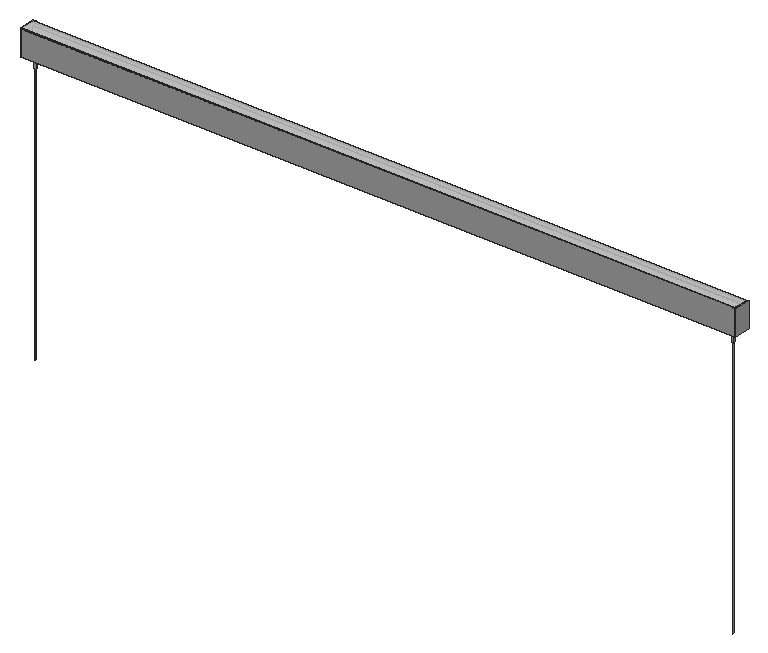
Revit family "2093107 Sylvania Lighting Fixture MC2-KIT D I 2-4M 3K DALI WHT OPAL", category Lighting Fixtures, host Face, Revit 2016
Family settings
  Host = Face
  Part Type = Normal
  Round Connector Dimension = Use Diameter
  OmniClass Number = 23.80.70.11.17
  OmniClass Title = Specialized Lighting by Location or Use
  Cut with Voids When Loaded = No
  Light Source = Yes
  Shared = No
  Room Calculation Point = No
Parameters (values of type "2093107 MC2-KIT D/I 2.4M 3K DALI WHT OPAL")
  Width_SYL = 54.0 mm
  Weight = "6.5 kg"
  Wattage = 64 W
  WarrantyStartDate [instance] = "n/a"
  WarrantyGuarantorParts = "n/a"
  WarrantyDurationUnit = "n/a"
  WarrantyDurationParts = "n/a"
  WarrantyDescription = "n/a"
  built-in parameter 1150110 = 1 (stored number, unit not read)
  Voltage = 0 V
  URL = "http://www.sylvania-lighting.com"
  TypeName = "MC2-KIT D/I 2.4M 3K DALI WHT OPAL"
  built-in parameter 1114217 = 1 (stored number, unit not read)
  Tilt Angle = -90.00°
  built-in parameter 1150109 = 1 (stored number, unit not read)
  built-in parameter 1150134 = (empty or 0)
  built-in parameter 1150113 = 1 (stored number, unit not read)
  SerialNumber [instance] = "n/a"
  PowerFactor = 0.95
  PowerConsumption = "64 W"
  NominalWidth = 0.0 mm
  NominalLength = 2400.0 mm
  NominalHeight = 86.0 mm
  Name = "MC2-KIT D/I 2.4M 3K DALI WHT OPAL"
  ModelReference = "MC2-KIT D/I 2.4M 3K DALI WHT OPAL"
  ModelNumber = "2093107"
  Material_3_SYL = Metal_Sylvania_Mini Contiuum II_Silver
  Photometric Web File = "2093107.ies"
  Material_4_SYL = Metal_Sylvania_Mini Contiuum II_Silver
  MountingHeight_SYL [instance] = 1000.0 mm
  Material = "aluminium housing, polycarbonate diffuser"
  ManufacturerName = "Feilo Sylvania"
  LuminousEfficacy = "120 lm/W"
  LuminaireType = ""
  LightOutputRatio = "100"
  Length_SYL = 2400.0 mm
  LampsType = Lamp  # "LED"
  LampNominalLuminous = "7666 lm"
  LampMacAdamStep = "3"
  LampColourTemperature = "3000 K"
  LampColourRenderingIndex = "80"
  Keynote = "16500"
  InstallationDate [instance] = "n/a"
  InputVoltage = "n/a"
  InputNominalFrequency = "n/a"
  IngressProtection = "IP20"
  ImpactProtectionIndex = "n/a"
  IfcExportType = "IfcLightFixtureType"
  IfcExportAs = "IfcLightFixtureType"
  Height_SYL = 86.0 mm
  ExpectedLife = 50000
  EndCapRight_SYL = yes
  EndCapLeft_SYL = yes
  Emit from Rectangle Width = Width_SYL - 2.0 mm  # 52.0 mm
  Emit from Rectangle Length = Length_SYL  # 2400.0 mm
  Emit Shape Visible in Rendering = no
  ElectricShockClassification = "Class I"
  DurationUnit = "hours"
  DocumentationLiterature = "http://www.sylvania-lighting.com/product/en-int/products/2093107"
  DimmingControlOptions = "n/a"
  CreatedOn = "10/15/2018"
  CreatedBy = "@sylvania-lighting.com"
  built-in parameter 1114216 [instance] = 1 (stored number, unit not read)
  Model = "MC2-KIT D/I 2.4M 3K DALI WHT OPAL"
  Manufacturer = "Feilo Sylvania"
  built-in parameter 1150105 = 611.15 (stored number, unit not read)
  Lumens = 7680 lm
  built-in parameter 1150115 = 1 (stored number, unit not read)
  built-in parameter 1150137 = (empty or 0)
  built-in parameter 1150139 = (empty or 0)
  built-in parameter 1150112 = 1 (stored number, unit not read)
  built-in parameter 1150114 = 1 (stored number, unit not read)
  Lamp = "LED"
  built-in parameter 1150132 = 2
  built-in parameter 1150102 = (empty or 0)
  built-in parameter 1150107 = 3000 (stored number, unit not read)
  built-in parameter 1150138 = (empty or 0)
  built-in parameter 1150106 = 6.1115 (stored number, unit not read)
  Material_1_SYL = Metal_Sylvania_Mini Continuum II_White
  built-in parameter 1150104 = 11.148 (stored number, unit not read)
  Dimming Lamp Color Temperature Shift = <None>
  Material_2_SYL = Polycarbonate_Sylvania_Mini Continuum II_Opal_4000K
  Description = "2093107   MC2-KIT D/I 2.4M 3K DALI WHT OPAL  Continuous lines of LED light, white RAL 9016, direct/indirect distribution (65/35), suspended kit version is pre-wired and supplied complete with end caps and suspension cables, compact and minimalist design based on the Golden Mean, ideal for offices, meeting rooms, corridors, education facilities, museums and libraries, extruded aluminium body, diffuser: opal, colour temperature: 3000K warm white, total system power: 64W, total fixture output: 7666lm, luminaire efficacy: 120lm/W, LOR: 100%, colour rendering: Ra >80, LED Chromacity: 1 step MacAdam ellipse, lifetime: 60,000 hours at 90% of the original output (L90), energy class: A++, A+, A, IR/UV free light source without heat radiation, operating voltage: 220-240V / 50-60Hz, drive current: (Direct) 800mA + (Indirect) 350mA, electronic driver, DALI dimmable, direct/indirect independently addressable, electrical protection: CLASS I, IP20, suitable for internal environment only."
  Default Elevation = 0.0 mm
  Color Filter = 16777215
  built-in parameter 1140040 [instance] = 1
  BarCode [instance] = "n/a"
  built-in parameter 1114218 = 1 (stored number, unit not read)
  built-in parameter 1150133 = 10 (stored number, unit not read)
  AssetType = "Fixed"
  AssetIdentifier [instance] = "n/a"
  Assembly Code = "D5020200"
  Apparent Load = 64 VA
Reference planes
  plane 1 "Center (Front/Back)": y = 0
  plane 2 "Bottom Fixtures": z = 0
  plane 3 "Center (Left/Right)": x = 0
  plane 4 "Fixture Left": x = -1200
  plane 5 "Fixture Right": x = 1200
  plane 6 "Fixture Bottom": z = 1000
  plane 7: z = 998
  plane 8: z = 996
  plane 9: z = 986.951
  plane 10: z = 956.951
  plane 11 "Fixture Top": z = 914
  plane 12 "Mounting Right": x = 1172
  plane 13 "Mounting Left": x = -1172
  plane 14: z = 879
  plane 15: y = 27
  plane 16: y = -27
  plane 17: y = -26
  plane 18: y = -25
  plane 19: y = 26
  plane 20: y = 25
  plane 21: y = 11
  plane 22: y = -11
  plane 23: y = 24
  plane 24: y = 22
  plane 25: y = -22
  plane 26: y = 15
  plane 27: y = -15
  plane 28 "Upper Diffuser Left": x = -1050
  plane 29 "Upper Diffuser Right": x = 1050
  plane 30: x = -1202
  plane 31: x = 1202
Forms (mm)
  Extrusion 1, solid, material "Metal_Sylvania_Mini Continuum II_White" <- "Material_1_SYL", detail levels fine
    sketch origin (0, 0, 520) x (0, 1, 0) y (0, 0, 1)
      loop
        line (27, 480) -> (26, 480) -> (26, 478) -> (25, 478) -> (25, 396) -> (13, 396) -> (13, 398) -> (-13, 398) -> (-13, 396) -> (-25, 396) -> (-25, 478) -> (-26, 478) -> (-26, 480) -> (-27, 480) -> (-27, 394) -> (-11, 394) -> (-11, 396) -> (11, 396) -> (11, 394) -> (27, 394) -> (27, 480)
    from -1200 to 1200
  Extrusion 2, solid, material "Polycarbonate_Sylvania_Mini Continuum II_Opal_4000K" <- "Material_2_SYL", detail levels fine
    sketch origin (0, 0, 520) x (0, 1, 0) y (0, 0, 1)
      loop
        line (-26, 480) -> (-26, 478) -> (26, 478) -> (26, 480) -> (-26, 480)
    from -1200 to 1200
  Extrusion 3, solid, material "Metal_Sylvania_Mini Contiuum II_Silver" <- "Material_3_SYL", detail levels fine
    sketch origin (0, 0, 520) x (0, 1, 0) y (0, 0, 1)
      loop
        line (22, 466.951) -> (20.973, 466.951) -> (14.206, 437.951) -> (11, 437.951) -> (11, 436.951) -> (15, 436.951) -> (22, 466.951)
      loop
        line (-15, 436.951) -> (-11, 436.951) -> (-11, 437.951) -> (-14.206, 437.951) -> (-20.973, 466.951) -> (-22, 466.951) -> (-15, 436.951)
    from -1200 to 1200
  Extrusion 4, solid, material "Metal_Sylvania_Mini Continuum II_White" <- "Material_1_SYL", detail levels coarse+medium
    sketch origin (0, 0, 520) x (0, 1, 0) y (0, 0, 1)
      loop
        line (-27, 480) -> (-27, 394) -> (27, 394) -> (27, 480) -> (-27, 480)
    from -1200 to 1200
  Extrusion 5, solid, material "Metal_Sylvania_Mini Contiuum II_Silver" <- "Material_4_SYL", detail levels fine
    sketch origin (0, 0, -86) x (-1, 0, 0) y (0, -1, 0)
      loop
        circle (1172, 0) r 4
      loop
        circle (-1172, 0) r 4
    from 965 to 1002
  Extrusion 6, solid, material "Metal_Sylvania_Mini Contiuum II_Silver" <- "Material_4_SYL", detail levels fine
    sketch origin (0, 0, -86) x (-1, 0, 0) y (0, -1, 0)
      loop
        circle (-1172, 0) r 1
      loop
        circle (1172, 0) r 1
    from 86 to 965
  Extrusion 7, solid, material "Polycarbonate_Sylvania_Mini Continuum II_Opal_4000K" <- "Material_2_SYL", detail levels fine
    sketch origin (0, 0, 0) x (0, 1, 0) y (0, 0, 1)
      loop
        arc (11, 916) -> (5.59, 914.504) -> (0, 914) r 31.25
        arc (0, 914) -> (-5.59, 914.504) -> (-11, 916) r 31.25
        line (-11, 916) -> (-11, 914.934)
        arc (-11, 914.934) -> (-5.584, 913.487) -> (0, 913) r 32.25
        arc (0, 913) -> (5.584, 913.487) -> (11, 914.934) r 32.25
        line (11, 914.934) -> (11, 916)
    from -1050 to 1050
  Extrusion 8, void
    sketch origin (0, 0, 0) x (0, 1, 0) y (0, 0, 1)
      loop
        line (11, 918) -> (-11, 918) -> (-11, 916) -> (11, 916) -> (11, 918)
    from -1050 to 1050
  Extrusion 9, solid, material "Metal_Sylvania_Mini Continuum II_White" <- "Material_1_SYL", visible <- "EndCapLeft_SYL"
    sketch origin (-1200, 171.684, 1219.2) x (0, 1, 0) y (0, 0, 1)
      loop
        line (-198.684, -305.2) -> (-144.684, -305.2) -> (-144.684, -219.2) -> (-198.684, -219.2) -> (-198.684, -305.2)
    from 0 to -2
  Extrusion 10, solid, material "Metal_Sylvania_Mini Continuum II_White" <- "Material_1_SYL", visible <- "EndCapRight_SYL"
    sketch origin (1200, 171.684, 1219.2) x (0, 1, 0) y (0, 0, -1)
      loop
        line (-144.684, 219.2) -> (-144.684, 305.2) -> (-198.684, 305.2) -> (-198.684, 219.2) -> (-144.684, 219.2)
    from 0 to -2
Cuts and joins
  Extrusion 8 cuts Extrusion 1
Lines and regions (mm)
  Masking region 1
    outline origin (0, 0, -86) x (-1, 0, 0) y (0, -1, 0)
      loop
        line (1200, -27) -> (1200, 27) -> (-1200, 27) -> (-1200, -27) -> (1200, -27)
  symbolic lines, detail levels fine
    curve 1: line (-1200, 26, -86) -> (1200, 26, -86)
    curve 2: line (-1200, -26, -86) -> (1200, -26, -86)
  model lines, detail levels coarse+medium
    curve 3: line (-1172, 0, 914) -> (-1172, 0, 0)
    curve 4: line (1172, 0, 914) -> (1172, 0, 0)
Dimensions and locks
  host sketch curve to plane 3 "Center (Left/Right)" to host sketch curve = 820.0 mm, 775.047 mm
  equal spacing: plane 4 "Fixture Left", plane 3 "Center (Left/Right)", plane 5 "Fixture Right"
  "Length_SYL": plane 4 "Fixture Left" to plane 5 "Fixture Right"
  plane 6 "Fixture Bottom" to plane 7 to plane 8 to plane 9 to plane 10 = 2.0 mm locked, 2.0 mm locked, 9.049 mm locked, 30.0 mm locked
  locked: Extrusion 1 sketch curve to Extrusion 1 sketch curve at 2
  locked: Extrusion 1 sketch curve to plane 11 "Fixture Top" at 2
  "Height_SYL": plane 6 "Fixture Bottom" to plane 11 "Fixture Top"
  locked: plane 12 "Mounting Right" to plane 5 "Fixture Right" at 28
  locked: plane 4 "Fixture Left" to plane 13 "Mounting Left" at 28
  locked: plane 11 "Fixture Top" to plane 14 at 35
  "MountingHeight_SYL": plane 6 "Fixture Bottom" to plane 2 "Bottom Fixtures"
  equal spacing: plane 15, plane 1 "Center (Front/Back)", plane 16
  "Width_SYL": plane 15 to plane 16
  plane 22 to plane 27 to plane 25 to plane 18 to plane 17 to plane 16 = 4.0 mm locked, 7.0 mm locked, 3.0 mm locked, 1.0 mm locked, 1.0 mm locked
  plane 15 to plane 19 to plane 20 to plane 23 to plane 24 to plane 26 to plane 21 = 1.0 mm locked, 1.0 mm locked, 1.0 mm locked, 2.0 mm locked, 7.0 mm locked, 4.0 mm locked
  locked: plane 4 "Fixture Left" to plane 28 "Upper Diffuser Left" at 150
  locked: plane 29 "Upper Diffuser Right" to plane 5 "Fixture Right" at 150
  equal spacing: plane 30, plane 3 "Center (Left/Right)", plane 31
  locked: plane 30 to plane 4 "Fixture Left" at 2
  aligned and locked: plane 2 "Bottom Fixtures" to host face
  aligned and locked: level to host face
  aligned and locked: plane 5 "Fixture Right" to curve 1
  aligned and locked: plane 4 "Fixture Left" to curve 1
  aligned and locked: plane 4 "Fixture Left" to curve 2
  aligned and locked: plane 5 "Fixture Right" to curve 2
  aligned and locked: Extrusion 1 sketch curve to plane 7
  aligned and locked: plane 6 "Fixture Bottom" to Extrusion 1 sketch curve  (x2)
  aligned and locked: plane 7 to Extrusion 1 sketch curve
  aligned and locked: Extrusion 1 to Extrusion 2 sketch curve
  aligned and locked: Extrusion 2 sketch curve to Extrusion 1  (x3)
  aligned and locked: Extrusion 3 sketch curve to plane 10
  aligned and locked: plane 9 to Extrusion 3 sketch curve
  aligned and locked: Extrusion 3 sketch curve to plane 9
  aligned and locked: Extrusion 4 sketch curve to plane 6 "Fixture Bottom"
  aligned and locked: Extrusion 4 to plane 4 "Fixture Left"
  aligned and locked: Extrusion 2 to plane 4 "Fixture Left"
  aligned and locked: Extrusion 3 to plane 4 "Fixture Left"
  aligned and locked: Extrusion 1 to plane 4 "Fixture Left"
  aligned and locked: Extrusion 4 to plane 5 "Fixture Right"
  aligned and locked: Extrusion 2 to plane 5 "Fixture Right"
  aligned and locked: Extrusion 3 to plane 5 "Fixture Right"
  aligned and locked: Extrusion 1 to plane 5 "Fixture Right"
  aligned and locked: plane 11 "Fixture Top" to Extrusion 4 sketch curve
  aligned and locked: Extrusion 1 sketch curve to plane 11 "Fixture Top"  (x2)
  aligned and locked: Extrusion 1 sketch curve to Extrusion 1 sketch curve
  aligned and locked: plane 6 "Fixture Bottom" to imposter light
  aligned and locked: plane 11 "Fixture Top" to curve 3
  aligned and locked: plane 2 "Bottom Fixtures" to curve 3
  aligned and locked: plane 11 "Fixture Top" to curve 4
  aligned and locked: plane 2 "Bottom Fixtures" to curve 4
  aligned and locked: curve 4 to plane 12 "Mounting Right"
  aligned and locked: curve 3 to plane 13 "Mounting Left"
  aligned and locked: Extrusion 5 to Extrusion 1
  aligned and locked: Extrusion 5 to plane 14
  aligned and locked: plane 14 to Extrusion 6
  aligned and locked: Extrusion 6 to level
  aligned and locked: plane 11 "Fixture Top" to Extrusion 7 sketch curve
  aligned and locked: Extrusion 7 to plane 28 "Upper Diffuser Left"
  aligned and locked: Extrusion 7 to plane 29 "Upper Diffuser Right"
  aligned and locked: plane 21 to Extrusion 3 sketch curve
  aligned and locked: Extrusion 3 sketch curve to plane 22
  aligned and locked: Extrusion 8 sketch curve to plane 21
  aligned and locked: Extrusion 8 sketch curve to plane 22
  aligned and locked: Extrusion 8 sketch curve to Extrusion 1  (x2)
  aligned and locked: Extrusion 8 to Extrusion 7  (x2)
  aligned and locked: plane 21 to Extrusion 7 sketch curve
  aligned and locked: plane 1 "Center (Front/Back)" to Extrusion 7 sketch curve
  aligned and locked: plane 22 to Extrusion 7 sketch curve
  aligned and locked: Extrusion 9 sketch curve to Extrusion 4  (x4)
  aligned and locked: Extrusion 9 to plane 30
  aligned and locked: plane 4 "Fixture Left" to Extrusion 9
  aligned and locked: Extrusion 10 sketch curve to Extrusion 4  (x4)
  aligned and locked: plane 31 to Extrusion 10
  aligned and locked: plane 5 "Fixture Right" to Extrusion 10
Automatic sketch dimensions
  host sketch curve to host sketch curve = 1047.463 mm
  plane 19 to curve 1 = 0.0 mm
  curve 2 to plane 17 = 0.0 mm
  Masking region 1 sketch curve to plane 5 "Fixture Right" = 0.0 mm
  Masking region 1 sketch curve to plane 4 "Fixture Left" = 0.0 mm
  plane 15 to Masking region 1 sketch curve = 0.0 mm
  Masking region 1 sketch curve to plane 16 = 0.0 mm
  Extrusion 1 sketch curve to plane 16 = 0.0 mm
  Extrusion 1 sketch curve to plane 17 = 0.0 mm
  Extrusion 1 sketch curve to plane 18 = 0.0 mm
  Extrusion 1 sketch curve to plane 22 = 0.0 mm
  Extrusion 1 sketch curve to plane 21 = 0.0 mm
  Extrusion 1 sketch curve to plane 20 = 0.0 mm
  Extrusion 1 sketch curve to plane 19 = 0.0 mm
  Extrusion 1 sketch curve to plane 15 = 0.0 mm
  plane 11 "Fixture Top" to Extrusion 1 sketch curve = 2.0 mm
  Extrusion 1 sketch curve to plane 22 = 2.0 mm
  Extrusion 1 sketch curve to plane 21 = 2.0 mm
  Extrusion 3 sketch curve to plane 25 = 0.0 mm
  Extrusion 3 sketch curve to plane 27 = 0.0 mm
  Extrusion 3 sketch curve to plane 26 = 0.0 mm
  Extrusion 3 sketch curve to plane 24 = 0.0 mm
  plane 10 to Extrusion 3 sketch curve = 1.0 mm
  Extrusion 3 sketch curve to Extrusion 3 sketch curve = 1.027 mm
  plane 27 to Extrusion 3 sketch curve = 0.794 mm
  plane 26 to Extrusion 3 sketch curve = 0.794 mm
  plane 24 to Extrusion 3 sketch curve = 1.027 mm
  Extrusion 4 sketch curve to plane 16 = 0.0 mm
  Extrusion 4 sketch curve to plane 15 = 0.0 mm
  plane 1 "Center (Front/Back)" to Extrusion 5 sketch curve = 0.0 mm  (x2)
  Extrusion 5 sketch curve to plane 12 "Mounting Right" = 0.0 mm
  Extrusion 5 sketch curve to plane 13 "Mounting Left" = 0.0 mm
  plane 1 "Center (Front/Back)" to Extrusion 6 sketch curve = 0.0 mm  (x2)
  Extrusion 6 sketch curve to plane 12 "Mounting Right" = 0.0 mm
  Extrusion 6 sketch curve to plane 13 "Mounting Left" = 0.0 mm
  Extrusion 7 sketch curve to Extrusion 7 sketch curve = 0.0 mm  (x4)
  plane 11 "Fixture Top" to Extrusion 7 sketch curve = 0.934 mm
  Extrusion 3 sketch curve to Extrusion 3 sketch curve = 0.0 mm
  Extrusion 3 sketch curve to plane 10 = 0.0 mm
  plane 11 "Fixture Top" to Extrusion 7 sketch curve = 2.0 mm
  radius of Extrusion 5 sketch curve = 4.0 mm  (x2)
  radius of Extrusion 6 sketch curve = 1.0 mm  (x2)
Connectors
  electrical at (1200, 0, 949), driven by "Apparent Load"
    settings: on Extrusion 1, index 1, voltage 230 V, apparent load 0 VA, apparent load phase1 64 VA, apparent load phase2 0 VA, apparent load phase3 0 VA, power factor 1, load classification "Lighting", number of poles 1, system type 31, power factor state 1, is connector primary yes, connector utility no, sub classification motor no, connector description ""
